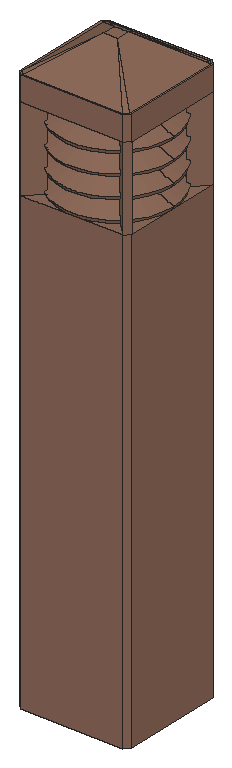
Revit family "VSB_Bollard", category Lighting Fixtures, Revit 2021
Family settings
  Round Connector Dimension = Use Diameter
  Part Type = Normal
  OmniClass Number = 23.80.70.14
  OmniClass Title = Luminaries for External Lighting
  Work Plane-Based = No
  Always vertical = Yes
  Cut with Voids When Loaded = No
  Light Source = Yes
  Shared = No
  Room Calculation Point = No
Parameters (values of type "VSB")
  Wattage Comments = "default"
  Wattage = 12.1178 W
  built-in parameter 1150110 = 1 (stored number, unit not read)
  Voltage = 120 V
  URL = "https://www.currentlighting.com/kimlighting"
  Type Comments = "Lighted Bollard"  # constant formula
  built-in parameter 1114217 = 1 (stored number, unit not read)
  Tilt Angle = 90.00°
  built-in parameter 1150109 = 1 (stored number, unit not read)
  built-in parameter 1150134 = (empty or 0)
  built-in parameter 1150113 = 1 (stored number, unit not read)
  Series = "Vandal-Resistant Bollards"  # constant formula
  Product Page URL = ""
  Product Documentation Link = ""
  Power Factor = 1
  Photometric Web File = "vsb1-10l3k.ies"
  Photometric Notes = "More IES files download on Photometric Web Link"  # constant formula
  Number of Poles = 1
  Note Visible = yes
  Note Text = "LF"  # constant formula
  Model = "VSB Bollard"  # constant formula
  MasterFormat Title = "Landscape Lighting, Site Lighting, Walkway Lighting"  # constant formula
  Manufacturer = "Kim Lighting"  # constant formula
  Lumens = 1800 lm
  built-in parameter 1150115 = 1 (stored number, unit not read)
  built-in parameter 1150105 = 143.24 (stored number, unit not read)
  Load Classification = Lighting
  built-in parameter 1150137 = (empty or 0)
  built-in parameter 1150139 = (empty or 0)
  built-in parameter 1150112 = 1 (stored number, unit not read)
  built-in parameter 1150114 = 1 (stored number, unit not read)
  Lamp = "LED"  # constant formula
  built-in parameter 1150132 = 2
  built-in parameter 1150102 = (empty or 0)
  built-in parameter 1150138 = (empty or 0)
  built-in parameter 1150107 = 3000 (stored number, unit not read)
  built-in parameter 1150106 = 1.4324 (stored number, unit not read)
  Height = 3' - 7"
  Glass = Glass-Temper Molded
  Finish = Powder Coat-Dark Bronze
  built-in parameter 1150104 = 13.8 (stored number, unit not read)
  Dimming Lamp Color Temperature Shift = <None>
  Description = "Low Level Luminaire"  # constant formula
  Depth = 0' - 8"  # constant formula
  Default Elevation = 0' - 0"
  Color Filter = 16777215
  built-in parameter 1114218 = 1 (stored number, unit not read)
  built-in parameter 1150133 = 10 (stored number, unit not read)
  Assembly Code = "D5020200"
  Apparent Load = 0 VA
Reference planes (in)
  plane 1 "Light Source Axis (F/B)": y = 0
  plane 2: z = 0
  plane 3 "Light Source Axis (L/R)": x = 0
  plane 4 "Light Source Elevation": z = 36
  plane 5 "Left": x = -4
  plane 6 "Right": x = 4
  plane 7 "Back": y = 4
  plane 8 "Front": y = -4
  plane 9 "Top": z = 43
  plane 10: z = 33
  plane 11: z = 39
  plane 12 "Top Blend": z = 40.75
Forms (in)
  Extrusion 1, solid, material "Powder Coat-Dark Bronze" <- "Finish", detail levels medium+fine
    sketch origin (0, 0, 0) x (1, 0, 0) y (0, 1, 0)
      loop
        line (-3.64645, -4) -> (3.64645, -4) -> (4, -3.64645) -> (4, 3.64645) -> (3.64645, 4) -> (-3.64645, 4) -> (-4, 3.64645) -> (-4, -3.64645) -> (-3.64645, -4)
      loop
        circle (0, 0) r 1.6875
    from 0 to 33
  Extrusion 2, solid, material "Powder Coat-Dark Bronze" <- "Finish", detail levels medium+fine
    sketch origin (0, 0, 0) x (1, 0, 0) y (0, 1, 0)
      loop
        line (-3.64645, -4) -> (3.64645, -4) -> (4, -3.64645) -> (4, 3.64645) -> (3.64645, 4) -> (-3.64645, 4) -> (-4, 3.64645) -> (-4, -3.64645) -> (-3.64645, -4)
    from 39 to 40.75
  Blend 3, solid, material "Powder Coat-Dark Bronze" <- "Finish", detail levels medium+fine
    base sketch origin (0, 0, 40.75) x (-1, 0, 0) y (0, -1, 0)
      loop
        line (3.59467, 3.875) -> (-3.59467, 3.875) -> (-3.875, 3.59467) -> (-3.875, -3.59467) -> (-3.59467, -3.875) -> (3.59467, -3.875) -> (3.875, -3.59467) -> (3.875, 3.59467) -> (3.59467, 3.875)
    top sketch origin (0, 0, 40.75) x (-1, 0, 0) y (0, -1, 0)
      loop
        line (0.5, 0.5) -> (-0.5, 0.5) -> (-0.5, -0.5) -> (0.5, -0.5) -> (0.5, 0.5)
    from 0 to 2.25
  Extrusion 4, solid, material "Powder Coat-Dark Bronze" <- "Finish"
    sketch origin (0, 0, 40.75) x (-1, 0, 0) y (0, -1, 0)
      loop
        line (4, 3.64645) -> (3.64645, 4) -> (2.63154, 2.98509) -> (2.98509, 2.63154) -> (4, 3.64645)
      loop
        line (4, -3.64645) -> (2.98509, -2.63154) -> (2.63154, -2.98509) -> (3.64645, -4) -> (4, -3.64645)
      loop
        line (-4, 3.64645) -> (-2.98509, 2.63154) -> (-2.63154, 2.98509) -> (-3.64645, 4) -> (-4, 3.64645)
      loop
        line (-4, -3.64645) -> (-3.64645, -4) -> (-2.63154, -2.98509) -> (-2.98509, -2.63154) -> (-4, -3.64645)
    from -7.75 to -1.75
  Revolve 5, solid, material "Powder Coat-Dark Bronze" <- "Finish", detail levels medium+fine
    sketch origin (0, 0, 0) x (1, 0, 0) y (0, 0, 1)
      loop
        line (-4, 33) -> (-1.98859, 33.93794) -> (-2.09424, 34.16451) -> (-4.10565, 33.22658) -> (-4, 33)
      loop
        line (-4, 34.5) -> (-1.98859, 35.43794) -> (-2.09424, 35.66451) -> (-4.10565, 34.72658) -> (-4, 34.5)
      loop
        line (-4, 36) -> (-1.98859, 36.93794) -> (-2.09424, 37.16451) -> (-4.10565, 36.22658) -> (-4, 36)
      loop
        line (-4, 37.5) -> (-1.98859, 38.43794) -> (-2.09424, 38.66451) -> (-4.10565, 37.72658) -> (-4, 37.5)
      axis (0, 33) -> (0, 38.66451)
    angle from 0 to 360
  Revolve 6, solid, material "Glass-Temper Molded" <- "Glass", detail levels medium+fine
    sketch origin (0, 0, 0) x (1, 0, 0) y (0, 0, 1)
      loop
        line (-1.98859, 33) -> (-1.86359, 33) -> (-1.86359, 38.43794)
        arc (-1.86359, 38.43794) -> (-1.31776, 39.75569) -> (0, 40.30152) r 1.86359
        line (0, 40.30152) -> (0, 40.42652)
        arc (0, 40.42652) -> (-1.40614, 39.84408) -> (-1.98859, 38.43794) r 1.98859
        line (-1.98859, 38.43794) -> (-1.98859, 33)
      axis (0, 33) -> (0, 40.42652)
    angle from 0 to 360
  Extrusion 7, solid, material "Powder Coat-Dark Bronze" <- "Finish", detail levels coarse
    sketch origin (0, 0, 0) x (1, 0, 0) y (0, 0, 1)
      loop
        line (-4, 0) -> (4, 0) -> (4, 33) -> (-4, 33) -> (-4, 0)
      loop
        line (-4, 39) -> (4, 39) -> (4, 43) -> (-4, 43) -> (-4, 39)
    from -4 to 4
Cuts and joins
  joined: Extrusion 2, Blend 3
Lines and regions (in)
  Masking region 1, detail levels coarse
    outline origin (0, 0, 0) x (1, 0, 0) y (0, 1, 0)
      loop
        line (-4, -4) -> (4, -4) -> (4, 4) -> (-4, 4) -> (-4, -4)
  Masking region 2, detail levels medium+fine
    outline origin (0, 0, 0) x (1, 0, 0) y (0, 1, 0)
      loop
        line (-4, -3.64645) -> (-3.64645, -4) -> (3.64645, -4) -> (4, -3.64645) -> (4, 3.64645) -> (3.64645, 4) -> (-3.64645, 4) -> (-4, 3.64645) -> (-4, -3.64645)
  symbolic lines, style "LightingFixturesHiddenLines", detail levels fine
    curve 1: circle (-1.76777, 1.76777, 0) r 0.1875 normal (0, 0, 1)
    curve 2: circle (1.76777, 1.76777, 0) r 0.1875 normal (0, 0, -1)
    curve 3: circle (-1.76777, -1.76777, 0) r 0.1875 normal (0, 0, -1)
    curve 4: circle (1.76777, -1.76777, 0) r 0.1875 normal (0, 0, 1)
  symbolic lines, style "LightingFixturesHiddenLines", detail levels medium+fine
    curve 5: circle (0, 0, 0) r 1.6875 normal (0, 0, 1)
Dimensions and locks (in)
  equal spacing: plane 7 "Back", plane 1 "Light Source Axis (F/B)", plane 8 "Front"
  "Depth": plane 7 "Back" to plane 8 "Front"
  equal spacing: plane 5 "Left", plane 3 "Light Source Axis (L/R)", plane 6 "Right"
  "Depth": plane 5 "Left" to plane 6 "Right"
  Blend 3 sketch curve to imposter light to Blend 3 sketch curve = 0' - 0 1/2" locked, 0' - 0 1/2" locked  (x2)
  "Height": plane 9 "Top" to level
  plane 9 "Top" to plane 12 "Top Blend" to plane 11 to plane 4 "Light Source Elevation" to plane 10 = 0' - 2 1/4" locked, 0' - 1 3/4" locked, 0' - 3" locked, 0' - 3" locked
  locked: Extrusion 1 sketch curve to imposter light
  locked: Extrusion 1 sketch curve to imposter light at 0
  locked: plane 7 "Back" to Extrusion 1 sketch curve at 0.35355  (x2)
  locked: Extrusion 1 sketch curve to plane 8 "Front" at 0.35355  (x2)
  locked: plane 5 "Left" to Extrusion 1 sketch curve at 0.35355  (x2)
  locked: Extrusion 1 sketch curve to plane 6 "Right" at 0.35355  (x2)
  Extrusion 4 sketch curve to Extrusion 4 sketch curve to Extrusion 4 sketch curve to plane 8 "Front" to Extrusion 4 sketch curve = 0' - 0.35355" locked, 0' - 0.66135" locked, 0' - 0.35355" locked, 0' - 0" locked  (x2)
  plane 7 "Back" to Extrusion 4 sketch curve to Extrusion 4 sketch curve to Extrusion 4 sketch curve to Extrusion 4 sketch curve = 0' - 0" locked, 0' - 0.35355" locked, 0' - 0.66135" locked, 0' - 0.35355" locked  (x2)
  plane 5 "Left" to Extrusion 4 sketch curve to Extrusion 4 sketch curve to Extrusion 4 sketch curve to Extrusion 4 sketch curve = 0' - 0" locked, 0' - 0.35355" locked, 0' - 0.66135" locked, 0' - 0.35355" locked  (x2)
  Extrusion 4 sketch curve to Extrusion 4 sketch curve to Extrusion 4 sketch curve to plane 6 "Right" to Extrusion 4 sketch curve = 0' - 0.35355" locked, 0' - 0.66135" locked, 0' - 0.35355" locked, 0' - 0" locked  (x2)
  locked: plane 7 "Back" to Extrusion 2 sketch curve at 0.35355  (x2)
  locked: Extrusion 2 sketch curve to plane 8 "Front" at 0.35355  (x2)
  locked: plane 5 "Left" to Extrusion 2 sketch curve at 0.35355  (x2)
  locked: Extrusion 2 sketch curve to plane 6 "Right" at 0.35355  (x2)
  Blend 3 sketch curve to Blend 3 sketch curve to plane 8 "Front" = 0' - 0.28033" locked, 0' - 0 1/8" locked
  locked: Blend 3 sketch curve to plane 8 "Front" at 0.40533
  plane 7 "Back" to Blend 3 sketch curve to Blend 3 sketch curve = 0' - 0 1/8" locked, 0' - 0.28033" locked
  locked: plane 7 "Back" to Blend 3 sketch curve at 0.40533
  plane 5 "Left" to Blend 3 sketch curve to Blend 3 sketch curve = 0' - 0 1/8" locked, 0' - 0.28033" locked
  locked: plane 5 "Left" to Blend 3 sketch curve at 0.40533
  Blend 3 sketch curve to Blend 3 sketch curve to plane 6 "Right" = 0' - 0.28033" locked, 0' - 0 1/8" locked
  locked: Blend 3 sketch curve to plane 6 "Right" at 0.40533
  Revolve 5 sketch curve to Revolve 5 sketch curve to Revolve 5 sketch curve to Revolve 5 sketch curve to Revolve 5 sketch curve to Revolve 5 sketch curve to Revolve 5 sketch curve to Revolve 5 sketch curve to Revolve 5 sketch curve to Revolve 5 sketch curve to Revolve 5 sketch curve to Revolve 5 sketch curve to Revolve 5 sketch curve to Revolve 5 sketch curve to Revolve 5 sketch curve to plane 10 to Revolve 5 sketch curve = 0' - 0 29/128" locked, 0' - 0.71136" locked, 0' - 0 29/128" locked, 0' - 0.33549" locked, 0' - 0 29/128" locked, 0' - 0.71136" locked, 0' - 0 29/128" locked, 0' - 0.33549" locked, 0' - 0 29/128" locked, 0' - 0.71136" locked, 0' - 0 29/128" locked, 0' - 0.33549" locked, 0' - 0 29/128" locked, 0' - 0.71136" locked, 0' - 0 29/128" locked, 0' - 0" locked
  Revolve 5 sketch curve to plane 5 "Left" to Revolve 5 sketch curve to Revolve 5 sketch curve to Revolve 5 sketch curve = 0' - 0.10565" locked, 0' - 0" locked, 0' - 1.90576" locked, 0' - 0.10565" locked  (x4)
  imposter light to Revolve 6 sketch curve to Revolve 6 sketch curve = 0' - 1.86359" locked, 0' - 0 1/8" locked
  Revolve 6 sketch curve to Revolve 6 sketch curve to Revolve 6 sketch curve to Revolve 6 sketch curve to plane 10 = 0' - 0 1/8" locked, 0' - 1.86359" locked, 0' - 0" locked, 0' - 5.43794" locked
  locked: curve 3 to plane 8 "Front" at 2.23223
  locked: plane 7 "Back" to curve 1 at 2.23223
  locked: plane 7 "Back" to curve 2 at 2.23223
  locked: curve 4 to plane 8 "Front" at 2.23223
  locked: plane 5 "Left" to curve 1 at 2.23223
  locked: plane 5 "Left" to curve 3 at 2.23223
  locked: curve 2 to plane 6 "Right" at 2.23223
  locked: curve 4 to plane 6 "Right" at 2.23223
  locked: curve 5 to plane 1 "Light Source Axis (F/B)" at 0
  locked: curve 5 to plane 3 "Light Source Axis (L/R)" at 0
  locked: Masking region 2 sketch curve to plane 8 "Front" at 0.35355  (x2)
  locked: plane 7 "Back" to Masking region 2 sketch curve at 0.35355  (x2)
  locked: plane 5 "Left" to Masking region 2 sketch curve at 0.35355  (x2)
  locked: Masking region 2 sketch curve to plane 6 "Right" at 0.35355  (x2)
  aligned and locked: plane 3 "Light Source Axis (L/R)" to imposter light
  aligned and locked: plane 1 "Light Source Axis (F/B)" to imposter light
  aligned and locked: plane 4 "Light Source Elevation" to imposter light
  aligned and locked: Extrusion 1 sketch curve to plane 8 "Front"
  aligned and locked: Extrusion 1 sketch curve to plane 6 "Right"
  aligned and locked: plane 10 to Extrusion 1
  aligned and locked: Extrusion 1 to level
  aligned and locked: Extrusion 2 to plane 11
  aligned and locked: plane 12 "Top Blend" to Extrusion 2
  aligned and locked: plane 9 "Top" to Blend 3
  aligned and locked: Blend 3 to plane 12 "Top Blend"
  aligned and locked: Extrusion 4 to plane 10
  aligned and locked: plane 11 to Extrusion 4
  aligned and locked: plane 3 "Light Source Axis (L/R)" to Revolve 5 sketch curve
  aligned and locked: Revolve 6 sketch curve to plane 3 "Light Source Axis (L/R)"
  aligned and locked: Revolve 6 sketch curve to plane 10
  aligned and locked: plane 3 "Light Source Axis (L/R)" to Revolve 6 sketch curve
  aligned and locked: plane 9 "Top" to Extrusion 7 sketch curve
  aligned and locked: Extrusion 7 sketch curve to plane 11
  aligned and locked: Extrusion 7 sketch curve to plane 6 "Right"  (x2)
  aligned and locked: plane 5 "Left" to Extrusion 7 sketch curve  (x2)
  aligned and locked: plane 10 to Extrusion 7 sketch curve
  aligned and locked: Extrusion 7 sketch curve to level
  aligned and locked: plane 7 "Back" to Extrusion 7
  aligned and locked: Extrusion 7 to plane 8 "Front"
  aligned and locked: plane 5 "Left" to Masking region 1 sketch curve
  aligned and locked: Masking region 1 sketch curve to plane 8 "Front"
  aligned and locked: plane 7 "Back" to Masking region 1 sketch curve
  aligned and locked: Masking region 1 sketch curve to plane 6 "Right"
  aligned and locked: Masking region 2 sketch curve to plane 5 "Left"
  aligned and locked: Masking region 2 sketch curve to plane 7 "Back"
  aligned and locked: plane 8 "Front" to Masking region 2 sketch curve
  aligned and locked: plane 6 "Right" to Masking region 2 sketch curve
Automatic sketch dimensions
  Extrusion 1 sketch curve to plane 5 "Left" = 0' - 0"
  Extrusion 1 sketch curve to plane 7 "Back" = 0' - 0"
  Extrusion 2 sketch curve to plane 5 "Left" = 0' - 0"
  Extrusion 2 sketch curve to plane 8 "Front" = 0' - 0"
  Extrusion 2 sketch curve to plane 6 "Right" = 0' - 0"
  Extrusion 2 sketch curve to plane 7 "Back" = 0' - 0"
  Revolve 5 sketch curve to plane 10 = 0' - 1.37171"
  Revolve 5 sketch curve to plane 12 "Top Blend" = 0' - 0.62171"
  Revolve 6 sketch curve to plane 10 = 0' - 1 1/4"
  Revolve 6 sketch curve to plane 9 "Top" = 0' - 1"
  radius of Extrusion 1 sketch curve = 0' - 1 11/16"
  radius of curve 1 = 0' - 0 3/16"
  radius of curve 2 = 0' - 0 3/16"
  radius of curve 3 = 0' - 0 3/16"
  radius of curve 4 = 0' - 0 3/16"
  radius of curve 5 = 0' - 1 11/16"
Nested families (in)
  nested 1: "Notation" at (0, 4.62623, 0), visible <- "Note Visible", type "Notation"
Connectors (in)
  electrical at (0, 0, 0), driven by "Number of Poles", driven by "Voltage", driven by "Apparent Load", driven by "Power Factor", driven by "Load Classification"
    settings: on Extrusion 1, index 1, voltage 120 V, apparent load 0 VA, apparent load phase1 0 VA, apparent load phase2 0 VA, apparent load phase3 0 VA, power factor 1, load classification "Lighting", number of poles 1, system type 30, power factor state 1, is connector primary yes, connector utility no, sub classification motor no, connector description "Lighting Connector"
Definition of nested family "Notation"
  Parameters
    Notation = "LF"
  Reference planes (in)
    plane 1: y = 0
    plane 2: x = 0
  Text (in)
    label "Notation" at (0.02149, 0.07192, 0), shows "Notation"
